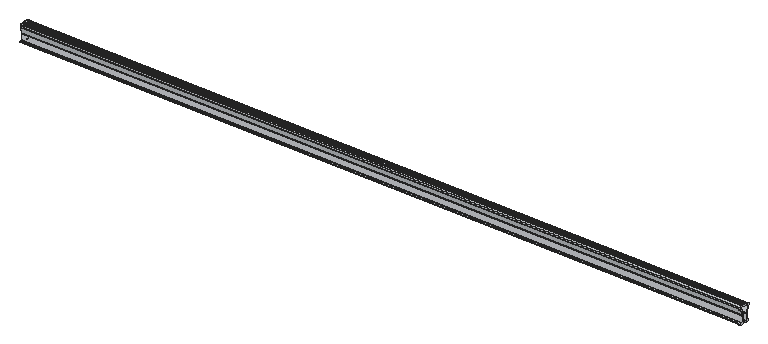
Revit family "33TSC2.75 20g Top Chord", category Structural Framing, Revit 2020
Family settings
  Section Shape = Not Defined
  Material for Model Behavior = Steel
  Always export as geometry = No
  OmniClass Number = 23.25.30.11.14.14
  OmniClass Title = Beams
  Always vertical = Yes
  Cut with Voids When Loaded = No
  Symbolic Representation = From Family
  Shared = No
  Show family pre-cut in plan views = Yes
Parameters
  Weight lbs per ft [instance] = 0.9819
  URL = "https://www.trussteel.com/details_files/pdf/ts007.pdf"
  Total Member Weight (lbs) [instance] = Length / 1' 0" * Weight lbs per ft  # 9.819
  Structural Material = ASTM A653 SS Grade 55 G90
  Steel Design Thickness (in) [instance] = 0.0346
  Model = "33TSC2.75"
  Manufacturer = "TrusSteel"
  Length [instance] = 10' - 0"
  Fy (ksi) [instance] = 55
  Fu (ksi) [instance] = 65
  Description = "Chord"
  Cross Section Area (in2) [instance] = 0.2888
  Beam Height = 0' - 2 3/4"
  Beam Width = 0' - 1 1/2"
Reference planes (in)
  plane 1 "Center (Front/Back)": y = 0
  plane 2 "Center El.": z = 0
  plane 3 "Center (Left/Right)": x = 0
  plane 4 "Left": x = -60
  plane 5 "Right": x = 60
Forms (in)
  Extrusion 1, solid
    sketch origin (0, 0, 0) x (0, 1, 0) y (0, 0, 1)
      loop
        arc (0.75, -0.1286) -> (0.71233, -0.03767) -> (0.6214, 0) r 0.1286
        line (0.6214, 0) -> (0.23958, 0)
        arc (0.23958, 0) -> (0.1912, -0.01186) -> (0.15379, -0.04476) r 0.1046
        arc (0.15379, -0.04476) -> (0, -0.125) -> (-0.15379, -0.04476) r 0.1875
        arc (-0.15379, -0.04476) -> (-0.1912, -0.01186) -> (-0.23958, 0) r 0.1046
        line (-0.23958, 0) -> (-0.6214, 0)
        arc (-0.6214, 0) -> (-0.71233, -0.03767) -> (-0.75, -0.1286) r 0.1286
        line (-0.75, -0.1286) -> (-0.75, -0.43633)
        arc (-0.75, -0.43633) -> (-0.74484, -0.49915) -> (-0.72948, -0.56027) r 0.3846
        line (-0.72948, -0.56027) -> (-0.42827, -1.44515)
        arc (-0.42827, -1.44515) -> (-0.4143, -1.50078) -> (-0.4096, -1.55794) r 0.35
        line (-0.4096, -1.55794) -> (-0.4096, -2.6554)
        arc (-0.4096, -2.6554) -> (-0.42717, -2.69783) -> (-0.4696, -2.7154) r 0.06
        line (-0.4696, -2.7154) -> (-0.6554, -2.7154)
        arc (-0.6554, -2.7154) -> (-0.69783, -2.69783) -> (-0.7154, -2.6554) r 0.06
        line (-0.7154, -2.6554) -> (-0.7154, -2.5946)
        arc (-0.7154, -2.5946) -> (-0.69783, -2.55217) -> (-0.6554, -2.5346) r 0.06
        line (-0.6554, -2.5346) -> (-0.5, -2.5346) -> (-0.5, -2.5) -> (-0.6554, -2.5)
        arc (-0.6554, -2.5) -> (-0.72229, -2.52771) -> (-0.75, -2.5946) r 0.0946
        line (-0.75, -2.5946) -> (-0.75, -2.6554)
        arc (-0.75, -2.6554) -> (-0.72229, -2.72229) -> (-0.6554, -2.75) r 0.0946
        line (-0.6554, -2.75) -> (-0.4696, -2.75)
        arc (-0.4696, -2.75) -> (-0.40271, -2.72229) -> (-0.375, -2.6554) r 0.0946
        line (-0.375, -2.6554) -> (-0.375, -1.55794)
        arc (-0.375, -1.55794) -> (-0.38016, -1.49513) -> (-0.39552, -1.434) r 0.3846
        line (-0.39552, -1.434) -> (-0.69673, -0.54912)
        arc (-0.69673, -0.54912) -> (-0.7107, -0.49349) -> (-0.7154, -0.43633) r 0.35
        line (-0.7154, -0.43633) -> (-0.7154, -0.1286)
        arc (-0.7154, -0.1286) -> (-0.68787, -0.06213) -> (-0.6214, -0.0346) r 0.094
        line (-0.6214, -0.0346) -> (-0.23958, -0.0346)
        arc (-0.23958, -0.0346) -> (-0.2072, -0.04254) -> (-0.18217, -0.06456) r 0.07
        arc (-0.18217, -0.06456) -> (0, -0.1596) -> (0.18217, -0.06456) r 0.2221
        arc (0.18217, -0.06456) -> (0.2072, -0.04254) -> (0.23958, -0.0346) r 0.07
        line (0.23958, -0.0346) -> (0.6214, -0.0346)
        arc (0.6214, -0.0346) -> (0.68787, -0.06213) -> (0.7154, -0.1286) r 0.094
        line (0.7154, -0.1286) -> (0.7154, -0.43633)
        arc (0.7154, -0.43633) -> (0.7107, -0.49349) -> (0.69673, -0.54912) r 0.35
        line (0.69673, -0.54912) -> (0.39552, -1.434)
        arc (0.39552, -1.434) -> (0.38016, -1.49513) -> (0.375, -1.55794) r 0.3846
        line (0.375, -1.55794) -> (0.375, -2.6554)
        arc (0.375, -2.6554) -> (0.40271, -2.72229) -> (0.4696, -2.75) r 0.0946
        line (0.4696, -2.75) -> (0.6554, -2.75)
        arc (0.6554, -2.75) -> (0.72229, -2.72229) -> (0.75, -2.6554) r 0.0946
        line (0.75, -2.6554) -> (0.75, -2.5946)
        arc (0.75, -2.5946) -> (0.72229, -2.52771) -> (0.6554, -2.5) r 0.0946
        line (0.6554, -2.5) -> (0.5, -2.5) -> (0.5, -2.5346) -> (0.6554, -2.5346)
        arc (0.6554, -2.5346) -> (0.69783, -2.55217) -> (0.7154, -2.5946) r 0.06
        line (0.7154, -2.5946) -> (0.7154, -2.6554)
        arc (0.7154, -2.6554) -> (0.69783, -2.69783) -> (0.6554, -2.7154) r 0.06
        line (0.6554, -2.7154) -> (0.4696, -2.7154)
        arc (0.4696, -2.7154) -> (0.42717, -2.69783) -> (0.4096, -2.6554) r 0.06
        line (0.4096, -2.6554) -> (0.4096, -1.55794)
        arc (0.4096, -1.55794) -> (0.4143, -1.50078) -> (0.42827, -1.44515) r 0.35
        line (0.42827, -1.44515) -> (0.72948, -0.56027)
        arc (0.72948, -0.56027) -> (0.74484, -0.49915) -> (0.75, -0.43633) r 0.3846
        line (0.75, -0.43633) -> (0.75, -0.1286)
    from -60 to 60
Dimensions and locks (in)
  equal spacing: plane 4 "Left", plane 3 "Center (Left/Right)", plane 5 "Right"
  "Length": plane 4 "Left" to plane 5 "Right"
  "Beam Width": Extrusion 1 to Extrusion 1
  "Beam Height": Extrusion 1 to Extrusion 1
  aligned and locked: level to plane 2 "Center El."
  aligned and locked: plane 4 "Left" to Extrusion 1
  aligned and locked: Extrusion 1 to plane 5 "Right"
Automatic sketch dimensions
  Extrusion 1 sketch curve to Extrusion 1 sketch curve = 0' - 0"  (x34)
  Extrusion 1 sketch curve to level = 0' - 0"  (x2)
  Extrusion 1 sketch curve to plane 1 "Center (Front/Back)" = 0' - 0"
  Extrusion 1 sketch curve to level = 0' - 0.1046"
  plane 1 "Center (Front/Back)" to Extrusion 1 sketch curve = 0' - 0.23958"
  Extrusion 1 sketch curve to Extrusion 1 sketch curve = 0' - 0.12582"  (x2)
  plane 1 "Center (Front/Back)" to Extrusion 1 sketch curve = 0' - 0 3/8"
  Extrusion 1 sketch curve to Extrusion 1 sketch curve = 0' - 0.02052"  (x2)
  Extrusion 1 sketch curve to Extrusion 1 sketch curve = 0' - 0.0346"  (x2)
  Extrusion 1 sketch curve to Extrusion 1 sketch curve = 0' - 0.03275"  (x3)
  Extrusion 1 sketch curve to Extrusion 1 sketch curve = 0' - 0.06"  (x4)
  Extrusion 1 sketch curve to Extrusion 1 sketch curve = 0' - 0.0304"  (x2)
  Extrusion 1 sketch curve to level = 0' - 0.0346"  (x2)
  Extrusion 1 sketch curve to Extrusion 1 sketch curve = 0' - 0.38182"  (x2)
  Extrusion 1 sketch curve to Extrusion 1 sketch curve = 0' - 0.1554"  (x2)
  Extrusion 1 sketch curve to Extrusion 1 sketch curve = 0' - 0.33133"  (x3)
  Extrusion 1 sketch curve to Extrusion 1 sketch curve = 0' - 0.094"
  Extrusion 1 sketch curve to level = 0' - 0.56027"  (x2)
  Extrusion 1 sketch curve to plane 1 "Center (Front/Back)" = 0' - 0.23958"
  Extrusion 1 sketch curve to plane 1 "Center (Front/Back)" = 0' - 0 3/8"
  Extrusion 1 sketch curve to level = 0' - 0.1286"
  Extrusion 1 sketch curve to level = 0' - 0.54912"
  Extrusion 1 sketch curve to Extrusion 1 sketch curve = 0' - 0.01867"
  Extrusion 1 sketch curve to Extrusion 1 sketch curve = 0' - 0.88488"
  Extrusion 1 sketch curve to Extrusion 1 sketch curve = 0' - 0.12393"
  Extrusion 1 sketch curve to Extrusion 1 sketch curve = 0' - 0.94206"  (x2)
  Extrusion 1 sketch curve to Extrusion 1 sketch curve = 0' - 0.0608"
  Extrusion 1 sketch curve to Extrusion 1 sketch curve = 0' - 0.1208"
  Extrusion 1 sketch curve to Extrusion 1 sketch curve = 0' - 0.07"
  level to Extrusion 1 sketch curve = 0' - 0 1/16"
